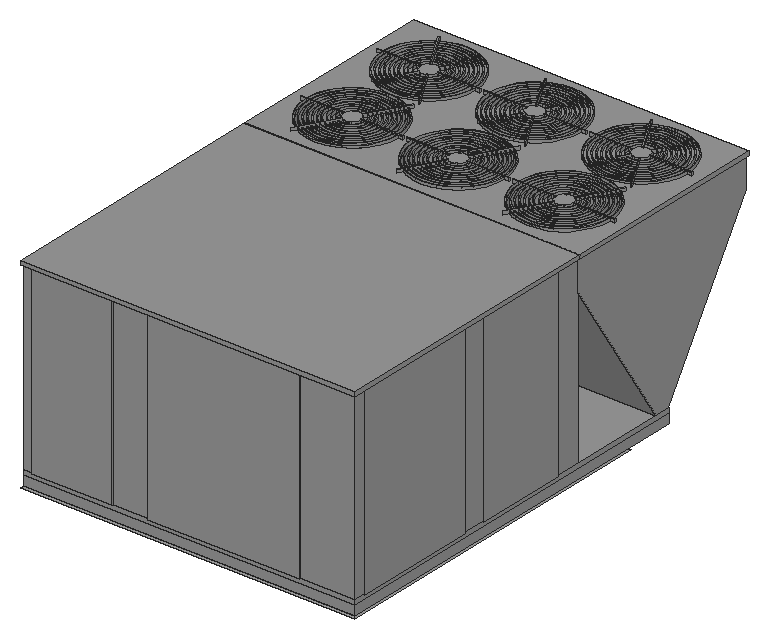
Revit family "RTU-1", category Mechanical Equipment, host Face, Revit 2025 (continued)
Automatic sketch dimensions
  Extrusion 55 sketch curve to Extrusion 55 sketch curve = 1.0776"
  Extrusion 55 sketch curve to Extrusion 55 sketch curve = 0.21651"
  Extrusion 55 sketch curve to Extrusion 55 sketch curve = 9.96767"
  Extrusion 56 sketch curve to Extrusion 56 sketch curve = 0"  (x4)
  Extrusion 56 sketch curve to Extrusion 56 sketch curve = 1.0776"
  Extrusion 56 sketch curve to Extrusion 56 sketch curve = 0.21651"
  Extrusion 56 sketch curve to Extrusion 56 sketch curve = 0.06535"
  Extrusion 57 sketch curve to Extrusion 57 sketch curve = 0"  (x4)
  Extrusion 57 sketch curve to Extrusion 57 sketch curve = 1.0776"
  Extrusion 57 sketch curve to Extrusion 57 sketch curve = 0.21651"
  Extrusion 57 sketch curve to Extrusion 57 sketch curve = 0.06535"
  Extrusion 58 sketch curve to Extrusion 58 sketch curve = 0"  (x4)
  Extrusion 58 sketch curve to Extrusion 58 sketch curve = 1.0776"
  Extrusion 58 sketch curve to Extrusion 58 sketch curve = 0.21651"
  Extrusion 58 sketch curve to Extrusion 58 sketch curve = 9.96767"
  Extrusion 38 sketch curve to plane 107 = 2 3/8"
  Extrusion 39 sketch curve to Extrusion 39 sketch curve = 0"  (x4)
  Extrusion 39 sketch curve to plane 119 = 10.12829"
  Extrusion 39 sketch curve to Extrusion 39 sketch curve = 2.37171"
  Extrusion 40 sketch curve to Extrusion 40 sketch curve = 0"  (x4)
  Extrusion 40 sketch curve to plane 121 = 10.12829"
  Extrusion 40 sketch curve to Extrusion 40 sketch curve = 2.37171"
  Extrusion 47 sketch curve to Extrusion 47 sketch curve = 0"  (x4)
  Extrusion 47 sketch curve to plane 153 = 10.12829"
  Extrusion 48 sketch curve to Extrusion 48 sketch curve = 0"  (x4)
  Extrusion 48 sketch curve to plane 155 = 10.12829"
  Extrusion 49 sketch curve to Extrusion 49 sketch curve = 0"  (x4)
  Extrusion 49 sketch curve to plane 157 = 10.12829"
  Extrusion 50 sketch curve to Extrusion 50 sketch curve = 0"  (x4)
  Extrusion 50 sketch curve to plane 159 = 10.12829"
  Extrusion 39 sketch curve to Extrusion 39 sketch curve = 1/8"
  Extrusion 40 sketch curve to Extrusion 40 sketch curve = 1/8"
  Extrusion 41 sketch curve to plane 122 = 2 3/8"
  Extrusion 42 sketch curve to Extrusion 42 sketch curve = 0"  (x4)
  Extrusion 42 sketch curve to plane 134 = 10.12829"
  Extrusion 42 sketch curve to Extrusion 42 sketch curve = 2.37171"
  Extrusion 43 sketch curve to Extrusion 43 sketch curve = 0"  (x4)
  Extrusion 43 sketch curve to plane 136 = 10.12829"
  Extrusion 43 sketch curve to Extrusion 43 sketch curve = 2.37171"
  Extrusion 51 sketch curve to Extrusion 51 sketch curve = 0"  (x4)
  Extrusion 51 sketch curve to plane 161 = 10.12829"
  Extrusion 52 sketch curve to Extrusion 52 sketch curve = 0"  (x4)
  Extrusion 52 sketch curve to plane 163 = 10.12829"
  Extrusion 53 sketch curve to Extrusion 53 sketch curve = 0"  (x4)
  Extrusion 53 sketch curve to plane 165 = 10.12829"
  Extrusion 54 sketch curve to Extrusion 54 sketch curve = 0"  (x4)
  Extrusion 54 sketch curve to plane 167 = 10.12829"
  Extrusion 42 sketch curve to Extrusion 42 sketch curve = 1/8"
  Extrusion 43 sketch curve to Extrusion 43 sketch curve = 1/8"
  Extrusion 44 sketch curve to plane 137 = 2 3/8"
  Extrusion 45 sketch curve to Extrusion 45 sketch curve = 0"  (x4)
  Extrusion 45 sketch curve to plane 149 = 10.12829"
  Extrusion 45 sketch curve to Extrusion 45 sketch curve = 2.37171"
  Extrusion 46 sketch curve to Extrusion 46 sketch curve = 0"  (x4)
  Extrusion 46 sketch curve to plane 151 = 10.12829"
  Extrusion 46 sketch curve to Extrusion 46 sketch curve = 2.37171"
  Extrusion 55 sketch curve to plane 169 = 10.12829"
  Extrusion 56 sketch curve to plane 171 = 10.12829"
  Extrusion 57 sketch curve to plane 173 = 10.12829"
  Extrusion 58 sketch curve to plane 175 = 10.12829"
  Extrusion 45 sketch curve to Extrusion 45 sketch curve = 1/8"
  Extrusion 46 sketch curve to Extrusion 46 sketch curve = 1/8"
  Extrusion 51 sketch curve to Extrusion 51 sketch curve = 1.0776"
  Extrusion 51 sketch curve to Extrusion 51 sketch curve = 0.21651"
  Extrusion 51 sketch curve to Extrusion 51 sketch curve = 9.96767"
  Extrusion 52 sketch curve to Extrusion 52 sketch curve = 1.0776"
  Extrusion 52 sketch curve to Extrusion 52 sketch curve = 0.21651"
  Extrusion 52 sketch curve to Extrusion 52 sketch curve = 0.06535"
  Extrusion 53 sketch curve to Extrusion 53 sketch curve = 1.0776"
  Extrusion 53 sketch curve to Extrusion 53 sketch curve = 0.21651"
  Extrusion 53 sketch curve to Extrusion 53 sketch curve = 0.06535"
  Extrusion 54 sketch curve to Extrusion 54 sketch curve = 1.0776"
  Extrusion 54 sketch curve to Extrusion 54 sketch curve = 0.21651"
  Extrusion 54 sketch curve to Extrusion 54 sketch curve = 9.96767"
  Extrusion 12 sketch curve to Extrusion 12 sketch curve = 15"
  plane 3 "Center (Left/Right)" to Extrusion 12 sketch curve = 12 3/16"
  Extrusion 12 sketch curve to plane 3 "Center (Left/Right)" = 7 13/16"
  Extrusion 12 sketch curve to Extrusion 12 sketch curve = 0"
  radius of Extrusion 8 sketch curve = 12 1/2"  (x3)
  radius of Extrusion 13 sketch curve = 2 3/8"
  radius of Extrusion 13 sketch curve = 3 3/8"
  radius of Extrusion 13 sketch curve = 3 1/2"
  radius of Extrusion 13 sketch curve = 4 3/8"
  radius of Extrusion 13 sketch curve = 5 1/4"
  radius of Extrusion 13 sketch curve = 4 1/2"
  radius of Extrusion 13 sketch curve = 5 3/8"
  radius of Extrusion 13 sketch curve = 6 3/8"
  radius of Extrusion 13 sketch curve = 7 3/8"
  radius of Extrusion 13 sketch curve = 9 3/8"
  radius of Extrusion 13 sketch curve = 10 3/8"
  radius of Extrusion 13 sketch curve = 11 3/8"
  radius of Extrusion 13 sketch curve = 12 3/8"
  radius of Extrusion 13 sketch curve = 12 1/2"
  radius of Extrusion 13 sketch curve = 7 1/2"
  radius of Extrusion 13 sketch curve = 9 1/2"
  radius of Extrusion 13 sketch curve = 10 1/2"
  radius of Extrusion 13 sketch curve = 11 1/2"
  radius of Extrusion 13 sketch curve = 8 3/8"
  radius of Extrusion 13 sketch curve = 8 1/2"
  radius of Extrusion 13 sketch curve = 6 1/2"
  radius of Extrusion 9 sketch curve = 2 3/8"
  radius of Extrusion 9 sketch curve = 3 3/8"
  radius of Extrusion 9 sketch curve = 3 1/2"
  radius of Extrusion 9 sketch curve = 4 3/8"
  radius of Extrusion 9 sketch curve = 5 1/4"
  radius of Extrusion 9 sketch curve = 4 1/2"
  radius of Extrusion 9 sketch curve = 5 3/8"
  radius of Extrusion 9 sketch curve = 6 3/8"
  radius of Extrusion 9 sketch curve = 7 3/8"
  radius of Extrusion 9 sketch curve = 9 3/8"
  radius of Extrusion 9 sketch curve = 10 3/8"
  radius of Extrusion 9 sketch curve = 11 3/8"
  radius of Extrusion 9 sketch curve = 12 3/8"
  radius of Extrusion 9 sketch curve = 12 1/2"
  radius of Extrusion 9 sketch curve = 7 1/2"
  radius of Extrusion 9 sketch curve = 9 1/2"
  radius of Extrusion 9 sketch curve = 10 1/2"
  radius of Extrusion 9 sketch curve = 11 1/2"
  radius of Extrusion 9 sketch curve = 8 3/8"
  radius of Extrusion 9 sketch curve = 8 1/2"
  radius of Extrusion 9 sketch curve = 6 1/2"
  radius of Extrusion 16 sketch curve = 2 3/8"
  radius of Extrusion 16 sketch curve = 3 3/8"
  radius of Extrusion 16 sketch curve = 3 1/2"
  radius of Extrusion 16 sketch curve = 4 3/8"
  radius of Extrusion 16 sketch curve = 5 1/4"
  radius of Extrusion 16 sketch curve = 4 1/2"
  radius of Extrusion 16 sketch curve = 5 3/8"
  radius of Extrusion 16 sketch curve = 6 3/8"
  radius of Extrusion 16 sketch curve = 7 3/8"
  radius of Extrusion 16 sketch curve = 9 3/8"
  radius of Extrusion 16 sketch curve = 10 3/8"
  radius of Extrusion 16 sketch curve = 11 3/8"
  radius of Extrusion 16 sketch curve = 12 3/8"
  radius of Extrusion 16 sketch curve = 12 1/2"
  radius of Extrusion 16 sketch curve = 7 1/2"
  radius of Extrusion 16 sketch curve = 9 1/2"
  radius of Extrusion 16 sketch curve = 10 1/2"
  radius of Extrusion 16 sketch curve = 11 1/2"
  radius of Extrusion 16 sketch curve = 8 3/8"
  radius of Extrusion 16 sketch curve = 8 1/2"
  radius of Extrusion 16 sketch curve = 6 1/2"
  radius of Extrusion 19 sketch curve = 2 3/8"
  radius of Extrusion 19 sketch curve = 3 3/8"
  radius of Extrusion 19 sketch curve = 3 1/2"
  radius of Extrusion 19 sketch curve = 4 3/8"
  radius of Extrusion 19 sketch curve = 5 1/4"
  radius of Extrusion 19 sketch curve = 4 1/2"
  radius of Extrusion 19 sketch curve = 5 3/8"
  radius of Extrusion 19 sketch curve = 6 3/8"
  radius of Extrusion 19 sketch curve = 7 3/8"
  radius of Extrusion 19 sketch curve = 9 3/8"
  radius of Extrusion 19 sketch curve = 10 3/8"
  radius of Extrusion 19 sketch curve = 11 3/8"
  radius of Extrusion 19 sketch curve = 12 3/8"
  radius of Extrusion 19 sketch curve = 12 1/2"
  radius of Extrusion 19 sketch curve = 7 1/2"
  radius of Extrusion 19 sketch curve = 9 1/2"
  radius of Extrusion 19 sketch curve = 10 1/2"
  radius of Extrusion 19 sketch curve = 11 1/2"
  radius of Extrusion 19 sketch curve = 8 3/8"
  radius of Extrusion 19 sketch curve = 8 1/2"
  radius of Extrusion 19 sketch curve = 6 1/2"
  radius of Extrusion 38 sketch curve = 2 3/8"
  radius of Extrusion 38 sketch curve = 3 3/8"
  radius of Extrusion 38 sketch curve = 3 1/2"
  radius of Extrusion 38 sketch curve = 4 3/8"
  radius of Extrusion 38 sketch curve = 5 1/4"
  radius of Extrusion 38 sketch curve = 4 1/2"
  radius of Extrusion 38 sketch curve = 5 3/8"
  radius of Extrusion 38 sketch curve = 6 3/8"
  radius of Extrusion 38 sketch curve = 7 3/8"
  radius of Extrusion 38 sketch curve = 9 3/8"
  radius of Extrusion 38 sketch curve = 10 3/8"
  radius of Extrusion 38 sketch curve = 11 3/8"
  radius of Extrusion 38 sketch curve = 12 3/8"
  radius of Extrusion 38 sketch curve = 12 1/2"
  radius of Extrusion 38 sketch curve = 7 1/2"
  radius of Extrusion 38 sketch curve = 9 1/2"
  radius of Extrusion 38 sketch curve = 10 1/2"
  radius of Extrusion 38 sketch curve = 11 1/2"
  radius of Extrusion 38 sketch curve = 8 3/8"
  radius of Extrusion 38 sketch curve = 8 1/2"
  radius of Extrusion 38 sketch curve = 6 1/2"
  radius of Extrusion 41 sketch curve = 2 3/8"
  radius of Extrusion 41 sketch curve = 3 3/8"
  radius of Extrusion 41 sketch curve = 3 1/2"
  radius of Extrusion 41 sketch curve = 4 3/8"
  radius of Extrusion 41 sketch curve = 5 1/4"
  radius of Extrusion 41 sketch curve = 4 1/2"
  radius of Extrusion 41 sketch curve = 5 3/8"
  radius of Extrusion 41 sketch curve = 6 3/8"
  radius of Extrusion 41 sketch curve = 7 3/8"
  radius of Extrusion 41 sketch curve = 9 3/8"
  radius of Extrusion 41 sketch curve = 10 3/8"
  radius of Extrusion 41 sketch curve = 11 3/8"
  radius of Extrusion 41 sketch curve = 12 3/8"
  radius of Extrusion 41 sketch curve = 12 1/2"
  radius of Extrusion 41 sketch curve = 7 1/2"
  radius of Extrusion 41 sketch curve = 9 1/2"
  radius of Extrusion 41 sketch curve = 10 1/2"
  radius of Extrusion 41 sketch curve = 11 1/2"
  radius of Extrusion 41 sketch curve = 8 3/8"
  radius of Extrusion 41 sketch curve = 8 1/2"
  radius of Extrusion 41 sketch curve = 6 1/2"
  radius of Extrusion 44 sketch curve = 2 3/8"
  radius of Extrusion 44 sketch curve = 3 3/8"
  radius of Extrusion 44 sketch curve = 3 1/2"
  radius of Extrusion 44 sketch curve = 4 3/8"
  radius of Extrusion 44 sketch curve = 5 1/4"
  radius of Extrusion 44 sketch curve = 4 1/2"
  radius of Extrusion 44 sketch curve = 5 3/8"
  radius of Extrusion 44 sketch curve = 6 3/8"
  radius of Extrusion 44 sketch curve = 7 3/8"
  radius of Extrusion 44 sketch curve = 9 3/8"
  radius of Extrusion 44 sketch curve = 10 3/8"
  radius of Extrusion 44 sketch curve = 11 3/8"
  radius of Extrusion 44 sketch curve = 12 3/8"
  radius of Extrusion 44 sketch curve = 12 1/2"
  radius of Extrusion 44 sketch curve = 7 1/2"
  radius of Extrusion 44 sketch curve = 9 1/2"
  radius of Extrusion 44 sketch curve = 10 1/2"
  radius of Extrusion 44 sketch curve = 11 1/2"
  radius of Extrusion 44 sketch curve = 8 3/8"
  radius of Extrusion 44 sketch curve = 8 1/2"
  radius of Extrusion 44 sketch curve = 6 1/2"
Nested families (in)
  nested 1: "Panel" at (44.5625, -32.875, 28.84375) x (0, 1, 0) z (1, 0, 0), type "Panel"
    with Width 33 1/2", Length 49 7/16"
  nested 2: "Panel" at (44.5625, 2.6875, 28.84375) x (0, 1, 0) z (1, 0, 0), type "Panel"
    with Width 24 7/8", Length 49 7/16"
  nested 3: "Panel" at (-44.5625, -32.875, 28.84375) x (0, 1, 0) z (-1, 0, 0), type "Panel"
    with Width 33 1/2", Length 49 7/16"
  nested 4: "Panel" at (-44.5625, 2.6875, 28.84375) x (0, 1, 0) z (-1, 0, 0), type "Panel"
    with Width 24 7/8", Length 49 7/16"
  nested 5: "Panel" at (-31.46875, -52.75, 28.84375) x (1, 0, 0) z (0, -1, 0), type "Panel"
    with Width 21 9/16", Length 49 7/16"
  nested 6: "Panel" at (9.46875, -52.75, 28.84375) x (1, 0, 0) z (0, -1, 0), type "Panel"
    with Width 40 11/16", Length 49 7/16"
Connectors (in)
  hvac at (-33.3125, -10.625, 12), driven by "Return Flow"
    settings: on cut or joined group of Extrusion 1, Extrusion 12, index 1, duct flow 0 CFM, flow factor 0, pres drop 0.00 in-wg, loss coef 0, conn angle 0.00°, conn width 60 1/2", conn height 15", conn diameter 24", duct sys type 2, conn prof type 1, flow config 0, flow direction 1, loss method 4, conn ref index -1, conn util no, is conn primary no, conn desc "return"
  hvac at (2.1875, -10.625, 12), driven by "Supply Flow"
    settings: on cut or joined group of Extrusion 1, Extrusion 12, index 2, duct flow 0 CFM, flow factor 0, pres drop 0.00 in-wg, loss coef 0, conn angle 0.00°, conn width 60 1/2", conn height 20", conn diameter 24", duct sys type 1, conn prof type 1, flow config 0, flow direction 2, loss method 4, conn ref index -1, conn util no, is conn primary yes, conn desc "supply"
Definition of nested family "Panel"
  Parameters (values of type "Panel")
    Width [instance] = 21 9/16"
    Material = none
    Length [instance] = 49 7/16"
    Default Elevation = 48"
  Reference planes (in)
    plane 1 "Center (Front/Back)": y = 0
    plane 2: z = 0
    plane 3 "Center (Left/Right)": x = 0
    plane 4: z = 0.25
    plane 5: x = -10.78125
    plane 6: x = 10.78125
    plane 7: y = 24.71875
    plane 8: y = -24.71875
  Forms (in)
    Extrusion 1, solid
      sketch origin (0, 0, 0) x (1, 0, 0) y (0, 1, 0)
        loop
          line (-48, 48) -> (-48, -48) -> (48, -48) -> (48, 48) -> (-48, 48)
      from 0 to -12
    Extrusion 2, solid, material <- "Material"
      sketch origin (0, 0, 0) x (1, 0, 0) y (0, 1, 0)
        loop
          line (-10.78125, 24.71875) -> (-10.78125, -24.71875) -> (10.78125, -24.71875) -> (10.78125, 24.71875) -> (-10.78125, 24.71875)
      from 0 to 0.25
  Dimensions and locks (in)
    plane 4 to plane 2 = 1/4"
    equal spacing: plane 5, plane 3 "Center (Left/Right)", plane 6
    equal spacing: plane 7, plane 1 "Center (Front/Back)", plane 8
    "Length": plane 7 to plane 8
    "Width": plane 5 to plane 6
    aligned and locked: plane 2 to Extrusion 1
    aligned and locked: level to Extrusion 1
    aligned and locked: plane 4 to Extrusion 2
    aligned and locked: Extrusion 2 to plane 6
    aligned and locked: Extrusion 2 to plane 5
    aligned and locked: plane 8 to Extrusion 2
    aligned and locked: plane 7 to Extrusion 2
  Automatic sketch dimensions
    Extrusion 1 sketch curve to Extrusion 1 sketch curve = 96"  (x2)
    plane 5 to Extrusion 2 sketch curve = 0"
    Extrusion 2 sketch curve to plane 6 = 0"
    plane 1 "Center (Front/Back)" to Extrusion 2 sketch curve = 24 23/32"
    Extrusion 2 sketch curve to plane 1 "Center (Front/Back)" = 24 23/32"
